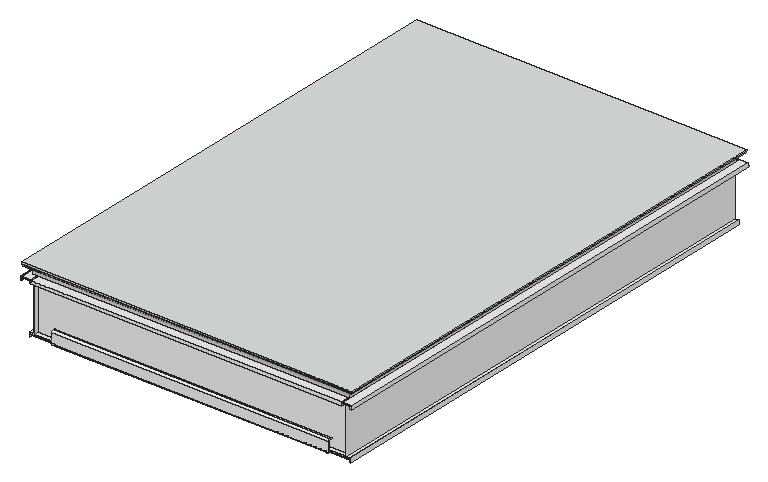
Revit family "Furniture-Medicine_Cabinet-KOHLER-Catalan-K-2943_1", category Specialty Equipment, host Face, Revit 2017
Family settings
  Host = Face
  Round Connector Dimension = Use Diameter
  Part Type = Normal
  OmniClass Number = 23.25.53.11.13.11
  Cut with Voids When Loaded = No
  Shared = No
  Room Calculation Point = No
Parameters (values of type "SAA-Satin Anodized Aluminum")
  Width = 24 1/8"  # constant formula
  WaterSense Certified = 1 = 0  # no
  URL = "https://www.us.kohler.com/us/"
  Type = 1
  Product Page URL = "http://www.us.kohler.com/us/catalog/productDetails.jsp?productId=2943-PG"
  Product Name = "Catalan"  # constant formula
  Product Documentation Link = "https://www.us.kohler.com/webassets/kpna/catalog/pdf/en/K-2943-PG_spec_US-CA_Kohler_en.pdf"
  Model = "K-2943-PG-SAA"  # constant formula
  Material = "Anodized Aluminum"  # constant formula
  Master Format 2014 Name = "Cabinet and Drawer Hardware"  # constant formula
  Master Format 2014 = "06 41 93"  # constant formula
  Manufacturer Address = "444 Highland Dr, Kohler, WI 53044"  # constant formula
  Manufacturer = "KOHLER Co."  # constant formula
  Length = 4 3/4"  # constant formula
  Height = 36 1/8"  # constant formula
  Finish = KOHLER-Metal-SAA-Satin_Anodized_Aluminum
  Environmental Product Declaration = ""
  Description = "24-1/8 inch W x 36-1/8 inch H aluminum single-door medicine cabinet with 170 degree hinge"  # constant formula
  Default Elevation = 60"
  Declare Label = ""
  Date Modified = "08/14/2020"  # constant formula
  Date Created = "08/14/2020"  # constant formula
  Copyright = "Copyright KOHLER Co."  # constant formula
  Contact Us = "https://www.us.kohler.com/us/static/contact.jsp"
  Assembly Code = "E20"
  ADA Compliant = 1 = 0  # no
Reference planes (in)
  plane 1 "Center (Front/Back)": y = 0
  plane 2: z = 0
  plane 3 "Center (Left/Right)": x = 0
  plane 4: y = 18.0625
  plane 5: y = -18.0625
  plane 6: x = -12.0625
  plane 7: x = 12.0625
  plane 8: y = 17.6875
  plane 9: y = -17.6875
  plane 10: x = -11.6875
  plane 11: x = 11.6875
  plane 12: z = -3.75
  plane 13: z = 1
  plane 14: y = 17.625
  plane 15: y = -17.625
  plane 16: z = 0.25
  plane 17: x = 11.625
  plane 18: x = -11.625
  plane 19: x = 11.38004
  plane 20: x = -11.38004
Forms (in)
  Extrusion 1, void
    sketch origin (0, 0, 0) x (1, 0, 0) y (0, 1, 0)
      loop
        line (-11.6875, -17.6875) -> (11.6875, -17.6875) -> (11.6875, 17.6875) -> (-11.6875, 17.6875) -> (-11.6875, -17.6875)
    from -3.75 to 0.35433
Dimensions and locks (in)
  "Width": plane 6 to plane 7
  "Height": plane 4 to plane 5
  locked: plane 8 to plane 9 at 35.375
  locked: plane 10 to plane 11 at 23.375
  "Length": plane 13 to plane 12
  locked: plane 14 to plane 15 at 35.25
  locked: plane 16 to plane 12 at 4
  plane 13 to plane 16 = 3/4"
  locked: plane 18 to plane 17 at 23.25
  aligned and locked: plane 2 to host face
  aligned and locked: level to host face
Automatic sketch dimensions
  host sketch curve to host sketch curve = 96"  (x2)
  Extrusion 1 sketch curve to plane 9 = 0"
  Extrusion 1 sketch curve to plane 8 = 0"
  Extrusion 1 sketch curve to plane 10 = 0"
  Extrusion 1 sketch curve to plane 11 = 0"
Nested families (in)
  nested 1: "K-2943" at (0, 0, -3.75), type "K-2943"
Definition of nested family "K-2943"
  Parameters (values of type "K-2943")
    Material = none
  Reference planes (in)
    plane 1 "Center (Front/Back)": y = 0
    plane 2: z = 0
    plane 3 "Center (Left/Right)": x = 0
    plane 4: x = -12.0625
    plane 5: x = 12.0625
    plane 6: y = 18.0625
    plane 7: y = -18.0625
    plane 8: y = 17.625
    plane 9: y = -17.625
    plane 10: z = 4
    plane 11: z = 4.75
    plane 12: x = -11.625
    plane 13: x = 11.625
    plane 14: z = 4.63189
    plane 15: z = 4.53848
    plane 16: z = 4.06004
  Forms (in)
    Sweep 1, solid, detail levels medium+fine
      path origin (0, 0, 0) x (1, 0, 0) y (0, 1, 0)
        loop
          line (11.98031, 17.97244) -> (-11.98031, 17.97244) -> (-11.98031, -17.97244) -> (11.98031, -17.97244) -> (11.98031, 17.97244)
      profile origin (11.98031, 0, 0) x (-1, 0, 0) y (0, 0, 1)
        loop
          line (0.41368, 4.10433) -> (1.08391, 4.10433) -> (1.08391, 4.87205) -> (-0.02, 4.87205) -> (-0.02, 4.75394) -> (0.01969, 4.75394) -> (0.02132, 4.66053)
          arc (0.02132, 4.66053) -> (0.30489, 4.44408) -> (0.41368, 4.10433) r 0.59501
    Extrusion 2, solid, detail levels medium+fine
      sketch origin (0, 0, 0) x (1, 0, 0) y (0, 1, 0)
        loop
          line (10.8964, 16.88853) -> (-10.8964, 16.88853) -> (-10.8964, -16.88853) -> (10.8964, -16.88853) -> (10.8964, 16.88853)
      from 4.10433 to 4.87205
    Extrusion 3, solid, material <- "Material", detail levels medium+fine
      sketch origin (0, 0, 0) x (1, 0, 0) y (0, 1, 0)
        loop
          line (-11.56534, 16.98819) -> (-11.56535, 16.37141)
          arc (-11.56535, 16.37141) -> (-11.83693, 16.08832) -> (-11.9358, 15.70869) r 0.77782
          arc (-11.9358, 15.70869) -> (-11.83694, 15.32903) -> (-11.56535, 15.04591) r 0.77782
          line (-11.56535, 15.04591) -> (-11.56534, 14.42913) -> (-9.81937, 14.42913) -> (-9.81937, 16.98819) -> (-11.56534, 16.98819)
        loop
          line (-9.81698, 1.2818) -> (-11.55089, 1.2818) -> (-11.55089, 0.6811)
          arc (-11.55089, 0.6811) -> (-11.94491, -0.00672) -> (-11.55089, -0.69454) r 0.79736
          line (-11.55089, -0.69454) -> (-11.55089, -1.2818) -> (-9.81698, -1.2818) -> (-9.81698, 1.2818)
        loop
          line (-11.56534, -16.98819) -> (-9.81937, -16.98819) -> (-9.81937, -14.42913) -> (-11.56534, -14.42913) -> (-11.56535, -15.04591)
          arc (-11.56535, -15.04591) -> (-11.83694, -15.32903) -> (-11.9358, -15.70869) r 0.77782
          arc (-11.9358, -15.70869) -> (-11.83693, -16.08832) -> (-11.56535, -16.37141) r 0.77782
          line (-11.56535, -16.37141) -> (-11.56534, -16.98819)
      from 4.23425 to 4.75394
    Extrusion 4, solid, material <- "Material", detail levels medium+fine
      sketch origin (0, 0, 0) x (1, 0, 0) y (0, 0, 1)
        loop
          line (11.37992, 0.27559) -> (11.37992, 3.75) -> (11.32087, 3.75) -> (11.32087, 0.21654) -> (11.65157, 0.21654) -> (11.65157, 0) -> (11.69488, 0) -> (11.69488, 0.27559) -> (11.37992, 0.27559)
        loop
          line (-11.37992, 3.75) -> (-11.37992, 0.27559) -> (-11.69488, 0.27559) -> (-11.69488, 0) -> (-11.65157, 0) -> (-11.65157, 0.21654) -> (-11.32087, 0.21654) -> (-11.32087, 3.75) -> (-11.37992, 3.75)
      from -17.68583 to 17.68583
    Extrusion 5, solid, material <- "Material", detail levels medium+fine
      sketch origin (0, 0, 0) x (1, 0, 0) y (0, 0, 1)
        loop
          line (11.32087, 3.98622) -> (11.32087, 3.75) -> (11.37992, 3.75) -> (11.37992, 3.92717) -> (12.00984, 3.92717) -> (12.00984, 3.80906) -> (11.94291, 3.80906) -> (11.94291, 3.75) -> (12.0689, 3.75) -> (12.0689, 3.98622) -> (11.32087, 3.98622)
        loop
          line (-11.37992, 3.92717) -> (-11.37992, 3.75) -> (-11.32087, 3.75) -> (-11.32087, 3.98622) -> (-12.0689, 3.98622) -> (-12.0689, 3.75) -> (-11.94291, 3.75) -> (-11.94291, 3.80906) -> (-12.00984, 3.80906) -> (-12.00984, 3.92717) -> (-11.37992, 3.92717)
      from -18.06102 to 18.06102
    Extrusion 6, solid, material <- "Material", detail levels medium+fine
      sketch origin (0, 0, 0) x (1, 0, 0) y (0, 0, 1)
        loop
          line (11.32087, 3.9563) -> (-11.32087, 3.9563) -> (-11.32087, 3.75157) -> (11.32087, 3.75157) -> (11.32087, 3.9563)
      from -18.06102 to 18.06102
    Extrusion 7, solid, material <- "Material", detail levels medium+fine
      sketch origin (0, 0, 0) x (0, 1, 0) y (0, 0, 1)
        loop
          line (17.37205, 0.27559) -> (17.37205, 3.89724) -> (18.00197, 3.89724) -> (18.00197, 3.75) -> (18.06102, 3.75) -> (18.06102, 3.9563) -> (17.31299, 3.9563) -> (17.31299, 0.21654) -> (17.68583, 0.21654) -> (17.68583, 0.27559) -> (17.37205, 0.27559)
        loop
          line (-17.37205, 0.27559) -> (-17.68583, 0.27559) -> (-17.68583, 0.21654) -> (-17.31299, 0.21654) -> (-17.31299, 3.9563) -> (-18.06102, 3.9563) -> (-18.06102, 3.75) -> (-18.00197, 3.75) -> (-18.00197, 3.89724) -> (-17.37205, 3.89724) -> (-17.37205, 0.27559)
      from -11.32087 to 11.32087
    Extrusion 8, solid, material <- "Material", detail levels medium+fine
      sketch origin (0, 0, 0) x (1, 0, 0) y (0, 1, 0)
        loop
          line (11.60472, 17.64016) -> (-11.60472, 17.64016) -> (-11.60472, -17.64016) -> (11.60472, -17.64016) -> (11.60472, 17.64016)
      from 0.09843 to 0.21654
    Extrusion 9, solid, material <- "Material", detail levels medium+fine
      sketch origin (0, 0, 0) x (0, 1, 0) y (0, 0, 1)
        loop
          line (-17.39173, 0.92126) -> (-17.55115, 0.92126)
          arc (-17.55115, 0.92126) -> (-17.64638, 0.88181) -> (-17.68583, 0.78658) r 0.13468
          line (-17.68583, 0.78658) -> (-17.68583, 0.07338)
          arc (-17.68583, 0.07338) -> (-17.6754, 0.04822) -> (-17.65024, 0.0378) r 0.03559
          line (-17.65024, 0.0378) -> (-17.31299, 0.0378) -> (-17.26181, 0.08898) -> (-16.97047, 0.08898) -> (-16.91929, 0.0378) -> (-16.76181, 0.0378) -> (-16.76181, 0.09685) -> (-16.89483, 0.09685) -> (-16.94601, 0.14803) -> (-17.28627, 0.14803) -> (-17.33745, 0.09685) -> (-17.56309, 0.09685)
          arc (-17.56309, 0.09685) -> (-17.60728, 0.11516) -> (-17.62559, 0.15935) r 0.0625
          line (-17.62559, 0.15935) -> (-17.62559, 0.77321)
          arc (-17.62559, 0.77321) -> (-17.59952, 0.83614) -> (-17.53659, 0.8622) r 0.089
          line (-17.53659, 0.8622) -> (-17.39173, 0.8622) -> (-17.39173, 0.92126)
      from -10.07087 to 10.07106
    Extrusion 10, solid, detail levels coarse
      sketch origin (0, 0, 0) x (1, 0, 0) y (0, 1, 0)
        loop
          line (12.0689, 18.06102) -> (-12.0689, 18.06102) -> (-12.0689, -18.06102) -> (12.0689, -18.06102) -> (12.0689, 18.06102)
      from 4.10433 to 4.87205
    Extrusion 11, solid, material <- "Material", detail levels coarse
      sketch origin (0, 0, 0) x (1, 0, 0) y (0, 1, 0)
        loop
          line (12.0689, 18.06102) -> (-12.0689, 18.06102) -> (-12.0689, -18.06102) -> (12.0689, -18.06102) -> (12.0689, 18.06102)
      from 3.75157 to 3.9563
    Extrusion 12, solid, material <- "Material", detail levels coarse
      sketch origin (0, 0, 0) x (1, 0, 0) y (0, 1, 0)
        loop
          line (11.65157, 17.68583) -> (-11.65157, 17.68583) -> (-11.65157, -17.68583) -> (11.65157, -17.68583) -> (11.65157, 17.68583)
      from 0 to 3.75157
  Cuts and joins
    joined: Sweep 1, Extrusion 2
    joined: Extrusion 3, Extrusion 4, Extrusion 5, Extrusion 7, Extrusion 9
    joined: Extrusion 6, Extrusion 8
    joined: Extrusion 11, Extrusion 12
  Lines and regions (in)
    Masking region 1
      outline origin (0, 0, 0) x (1, 0, 0) y (0, 1, 0)
        loop
          line (-12.0625, 18.0625) -> (-12.0625, -18.0625) -> (12.0625, -18.0625) -> (12.0625, 18.0625) -> (-12.0625, 18.0625)
    Masking region 2
      outline origin (0, 0, 0) x (0, 1, 0) y (0, 0, 1)
        loop
          line (17.625, 0) -> (17.625, 3.75) -> (18.0625, 3.75) -> (18.0625, 4) -> (-18.0625, 4) -> (-18.0625, 3.75) -> (-17.625, 3.75) -> (-17.625, 0) -> (17.625, 0)
        loop
          line (17.99244, 4.75) -> (-17.99244, 4.75) -> (-17.99244, 4.63189) -> (-17.95276, 4.63189) -> (-17.95113, 4.53848)
          arc (-17.95113, 4.53848) -> (-17.69107, 4.35314) -> (-17.56429, 4.06004) r 0.59501
          line (-17.56429, 4.06004) -> (17.56429, 4.06004)
          arc (17.56429, 4.06004) -> (17.69107, 4.35314) -> (17.95113, 4.53848) r 0.59501
          line (17.95113, 4.53848) -> (17.95276, 4.63189) -> (17.99244, 4.63189) -> (17.99244, 4.75)
    Masking region 3
      outline origin (0, 0, 0) x (1, 0, 0) y (0, 0, 1)
        loop
          line (12.0625, 3.75) -> (12.0625, 4) -> (11.32087, 4) -> (11.32087, 3.9563) -> (-11.32087, 3.9563) -> (-11.32087, 4) -> (-12.0625, 4) -> (-12.0625, 3.75) -> (-11.94291, 3.75) -> (-11.94291, 3.80906) -> (-12.00984, 3.80906) -> (-12.00984, 3.92717) -> (-11.37992, 3.92717) -> (-11.37992, 0.27559) -> (-11.625, 0.27559) -> (-11.625, 0) -> (-11.58169, 0) -> (-11.58169, 0.21654) -> (-11.53484, 0.21654) -> (-11.53484, 0.09843) -> (-10.07106, 0.09843) -> (-10.07106, 0.0378) -> (10.07106, 0.0378) -> (10.07106, 0.09843) -> (11.53484, 0.09843) -> (11.53484, 0.21654) -> (11.58169, 0.21654) -> (11.58169, 0) -> (11.625, 0) -> (11.625, 0.27559) -> (11.37992, 0.27559) -> (11.37992, 3.92717) -> (12.00984, 3.92717) -> (12.00984, 3.80906) -> (11.94291, 3.80906) -> (11.94291, 3.75) -> (12.0625, 3.75)
        loop
          line (-11.56663, 4.06004) -> (11.57216, 4.06004)
          arc (11.57216, 4.06004) -> (11.69894, 4.35314) -> (11.959, 4.53848) r 0.59501
          line (11.959, 4.53848) -> (11.96063, 4.63189) -> (12.00031, 4.63189) -> (12.00031, 4.75) -> (-12.00031, 4.75) -> (-12.00031, 4.63189) -> (-11.96063, 4.63189) -> (-11.959, 4.53848)
          arc (-11.959, 4.53848) -> (-11.94406, 4.53284) -> (-11.92929, 4.52681) r 0.59501
          line (-11.92929, 4.52681) -> (-11.92929, 4.11614) -> (-11.58264, 4.11614)
          arc (-11.58264, 4.11614) -> (-11.57673, 4.08822) -> (-11.57216, 4.06004) r 0.59501
    symbolic lines, detail levels medium+fine
      curve 1: line (-12.00031, 17.99244, 0) -> (-12.00031, -17.99244, 0)
      curve 2: line (12.00031, 17.99244, 0) -> (-12.00031, 17.99244, 0)
      curve 3: line (-11.32087, -18.0625, 0) -> (-11.32087, -17.99244, 0)
      curve 4: line (11.32087, 18.0625, 0) -> (11.32087, 17.99244, 0)
      curve 5: line (12.00031, -17.99244, 0) -> (12.00031, 17.99244, 0)
      curve 6: line (-12.00031, -17.99244, 0) -> (12.00031, -17.99244, 0)
      curve 7: line (-11.32087, 17.99244, 0) -> (-11.32087, 18.0625, 0)
      curve 8: line (11.32087, -17.99244, 0) -> (11.32087, -18.0625, 0)
      curve 9: line (0, 17.625, 0.27559) -> (0, -17.625, 0.27559)
      curve 10: line (0, -17.625, 3.75) -> (0, 17.625, 3.75)
      curve 11: line (0, 17.95276, 4.63189) -> (0, -17.95276, 4.63189)
      curve 12: line (0, 17.95113, 4.53848) -> (0, -17.95113, 4.53848)
      curve 13: line (11.96063, 0, 4.63189) -> (-11.96063, 0, 4.63189)
      curve 14: line (-11.95508, 0, 4.53848) -> (11.959, 0, 4.53848)
      curve 15: arc (-11.95508, 0, 4.53848) -> (-11.72112, 0, 4.36941) -> (-11.58264, 0, 4.11614) r 0.65451
      curve 16: line (-10.07106, 0, 0.09843) -> (10.07106, 0, 0.09843)
      curve 17: line (-11.53484, 0, 0.21654) -> (11.53484, 0, 0.21654)
      curve 18: line (11.32087, 0, 0.27559) -> (-11.32087, 0, 0.27559)
      curve 19: line (11.32087, 0, 3.9563) -> (11.32087, 0, 0.27559)
      curve 20: line (-11.32087, 0, 3.75157) -> (11.32087, 0, 3.75157)
      curve 21: line (-11.32087, 0, 3.9563) -> (-11.32087, 0, 0.27559)
  Dimensions and locks (in)
    plane 1 "Center (Front/Back)" to plane 6 = 18 1/16"
    plane 1 "Center (Front/Back)" to plane 8 = 17 5/8"
    plane 10 to level = 4"
    plane 11 to plane 10 = 3/4"
    plane 12 to plane 3 "Center (Left/Right)" = 11 5/8"
    aligned and locked: plane 2 to level
